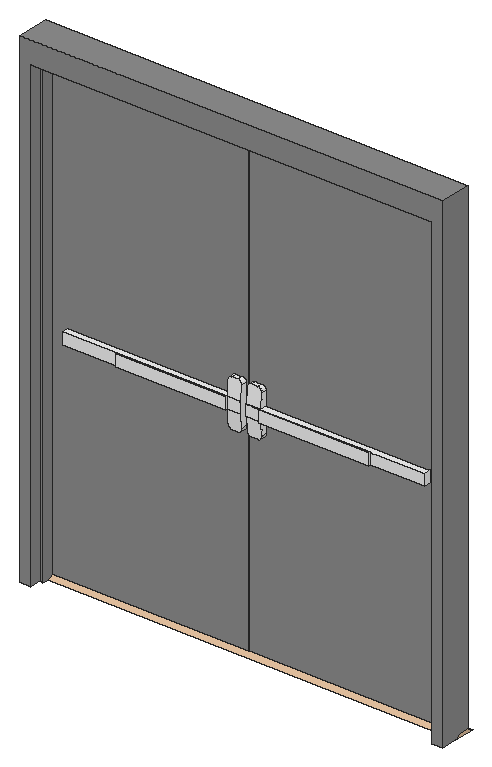
Revit family "38494c2e853f492d9b9aa91ecb0b5844", category Doors, host Wall, Revit 2021
Family settings
  Host = Wall
  OmniClass Number = 23.30.10.00
  OmniClass Title = Doors
  Always vertical = Yes
  Cut with Voids When Loaded = No
  Shared = No
  Room Calculation Point = No
Parameters
  Visual Light Transmittance = 0
  Threshold Length [instance] = if(Masonry Frame, Width + 4", Width)  # 76"
  Threshold [instance] = yes
  Threshold Offset [instance] = if(Threshold, 1/2", 0")  # 1/2"
  Threshold Material = Cherry
  Thickness = 1 3/4"
  Thermal Resistance (R) = 1.5338 (h·ft²·°F)/BTU
  Swing Angle [instance] = 90.00°
  Strike Height = 40"
  Solar Heat Gain Coefficient = 0
  SinglePanelWidth = Width / 2  # 36"
  Rough Width [instance] = Width + MFOpeningWidth  # 76"
  Rough Height [instance] = Height + MFOpeningHeight  # 88"
  Panic Bar Material = Metal - Stainless Steel
  Panel Material = Metal - Painted - Grey
  Masonry Frame [instance] = yes
  MFOpeningHeight [instance] = if(Masonry Frame, 4", 1 1/4")  # 4"
  MFOpeningWidth [instance] = if(Masonry Frame, 4", 2 1/2")  # 4"
  Inset Calculate [instance] = if(Masonry Frame, Masonry Inset + 3", 3")  # 4"
  Masonry Inset [instance] = 1"
  Height = 84"
  Wall Closure = By host
  Width = 72"
  Heat Transfer Coefficient (U) = 0.6520 BTU/(h·ft²·°F)
  Function = Exterior
  Frame Material = Metal - Painted - Grey
  Masonry Frame Depth = 5 3/4"
  Exterior Pull Material = Metal - Stainless Steel
  Dry Wall Frame [instance] = not(Masonry Frame)  # no
  Assembly Code = "B2030200"
  Analytic Construction = "Metal"
Reference planes (in)
  plane 1 "Center (Front/Back)": y = 0
  plane 2 "Center (Left/Right)": x = 0
  plane 3 "Left": x = -38
  plane 4 "Right": x = 38
  plane 5 "Top": z = 88
  plane 6 "Exterior": y = 4.25
  plane 7 "Interior": y = -3.75
  plane 8 "Door Panel Right": x = -36
  plane 9 "Door Panel Left": x = 36
  plane 10 "Top Of Panel": z = 84
  plane 11: z = 0
  plane 12 "Interior Door Face": y = 1.5
  plane 13: z = 40
  plane 14 "1": y = 3.25
  plane 15: y = -2.5
  plane 16: y = 1.3125
  plane 17: x = -35.375
  plane 18: y = -0.5625
  plane 19: z = 86
  plane 20: y = 7.25
  plane 21: z = 86
  plane 22: x = 36.75
  plane 23: x = 38.75
  plane 24: y = 4.75
  plane 25: y = -4.25
  plane 26: x = 36.125
  plane 27: y = 1.3125
  plane 28: y = -0.1875
  plane 29: y = 2.375
  plane 30: z = 42.25
  plane 31: z = 0.5
  plane 32: z = 0.5
  plane 33: y = 8.5
  plane 34: x = -3
  plane 35: x = 3
Forms (in)
  Extrusion 1, solid, material "Metal - Painted - Grey" <- "Panel Material"
    sketch origin (0, 0, 0) x (1, 0, 0) y (0, 0, 1)
      loop
        line (36, 84) -> (0.0625, 84) -> (0.0625, 0.5) -> (36, 0.5) -> (36, 84)
      loop
        line (-36, 0.5) -> (-0.0625, 0.5) -> (-0.0625, 84) -> (-36, 84) -> (-36, 0.5)
    from -3.25 to -1.5
  Sweep 2, solid, material "Metal - Painted - Grey" <- "Frame Material", visible <- "Masonry Frame"
    path origin (0, 4.25, 0) x (1, 0, 0) y (0, 0, 1)
      loop
        line (38, 0) -> (38, 86) -> (-38, 86) -> (-38, 0)
    profile origin (-38, 4.25, 43) x (0, -1, 0) y (1, 0, 0)
      loop
        line (1, 2) -> (1, 0) -> (6.75, 0) -> (6.75, 2) -> (4.8125, 2) -> (4.8125, 2.625) -> (2.9375, 2.625) -> (2.9375, 2) -> (1, 2)
  Extrusion 3, solid, material "Metal - Painted - Grey" <- "Frame Material", visible <- "Masonry Frame"
    sketch origin (0, 0, 0) x (0, 1, 0) y (0, 0, 1)
      loop
        line (3.25, 88) -> (-2.5, 88) -> (-2.5, 86) -> (3.25, 86) -> (3.25, 88)
    from -38 to 38
  Sweep 4, solid, material "Metal - Painted - Grey" <- "Frame Material", visible <- "Dry Wall Frame"
    path origin (0, 4.25, 0) x (1, 0, 0) y (0, 0, 1)
      loop
        line (38, 0) -> (38, 88) -> (-38, 88) -> (-38, 0)
    profile origin (38, 4.25, 44) x (-1, 0, 0) y (0, -1, 0)
      loop
        line (-0.75, -0.5) -> (1.25, -0.5) -> (1.25, 2.9375) -> (1.875, 2.9375) -> (1.875, 4.4375) -> (1.25, 4.4375) -> (1.25, 8.5) -> (-0.75, 8.5) -> (-0.75, 8) -> (0, 8) -> (0, 0) -> (-0.75, 0) -> (-0.75, -0.5)
Cuts and joins
  joined: Sweep 2, Extrusion 3
Lines and regions (in)
  Opening 1
    outline origin (-90, -3.75, 0) x (1, 0, 0) y (0, 0, 1)
      loop
        line (52, 0) -> (128, 0) -> (128, 88) -> (52, 88) -> (52, 0)
  Masking region 1, visible <- "Masonry Frame", detail levels coarse+medium
    outline origin (0, 0, 0) x (1, 0, 0) y (0, 1, 0)
      loop
        line (-38, 3.25) -> (-38, -2.5) -> (-36, -2.5) -> (-36, 3.25) -> (-38, 3.25)
      loop
        line (38, 3.25) -> (36, 3.25) -> (36, -2.5) -> (38, -2.5) -> (38, 3.25)
  Masking region 2, visible <- "Masonry Frame", detail levels fine
    outline origin (0, 0, 0) x (1, 0, 0) y (0, 1, 0)
      loop
        line (-38, 3.25) -> (-38, -2.5) -> (-36, -2.5) -> (-36, -0.5625) -> (-35.375, -0.5625) -> (-35.375, 1.3125) -> (-36, 1.3125) -> (-36, 3.25) -> (-38, 3.25)
      loop
        line (38, 3.25) -> (36, 3.25) -> (36, 1.3125) -> (35.375, 1.3125) -> (35.375, -0.5625) -> (36, -0.5625) -> (36, -2.5) -> (38, -2.5) -> (38, 3.25)
  Masking region 3, visible <- "Dry Wall Frame", detail levels coarse+medium
    outline origin (0, 0, 0) x (1, 0, 0) y (0, 1, 0)
      loop
        line (36.75, -3.75) -> (38, -3.75) -> (38, 4.25) -> (36.75, 4.25) -> (36.75, -3.75)
      loop
        line (-38, 4.25) -> (-38, -3.75) -> (-36.75, -3.75) -> (-36.75, 4.25) -> (-38, 4.25)
  Masking region 4, visible <- "Dry Wall Frame", detail levels fine
    outline origin (0, 0, 0) x (1, 0, 0) y (0, 1, 0)
      loop
        line (-38.75, 4.75) -> (-38.75, 4.25) -> (-38, 4.25) -> (-38, -3.75) -> (-38.75, -3.75) -> (-38.75, -4.25) -> (-36.75, -4.25) -> (-36.75, -0.1875) -> (-36.125, -0.1875) -> (-36.125, 1.3125) -> (-36.75, 1.3125) -> (-36.75, 4.75) -> (-38.75, 4.75)
      loop
        line (38.75, 4.25) -> (38.75, 4.75) -> (36.75, 4.75) -> (36.75, 1.3125) -> (36.125, 1.3125) -> (36.125, -0.1875) -> (36.75, -0.1875) -> (36.75, -4.25) -> (38.75, -4.25) -> (38.75, -3.75) -> (38, -3.75) -> (38, 4.25) -> (38.75, 4.25)
  symbolic lines, style "Elevation Swing"
    curve 1: line (0, 0, 84) -> (36, 0, 42.25)
    curve 2: line (36, 0, 42.25) -> (0, 0, 0.49818)
    curve 3: line (-36, 0, 42.25) -> (0, 0, 84)
    curve 4: line (-36, 0, 42.25) -> (0, 0, 0.49818)
Text (in)
  text "Exterior" at (-74.96733, 27.31104, 0), in view "Ref. Level"
  text "Interior" at (-74.96733, -25.14366, 0), in view "Ref. Level"
  text "Exterior" at (0, 40.15149, 123.01588), in view "Right"
  text "Interior" at (0, -64.39139, 123.01588), in view "Right"
  text "Interior" at (0, -31.01599, 123.00693), in view "Left"
  text "Exterior" at (0, 54.57065, 123.00693), in view "Left"
Dimensions and locks (in)
  equal spacing: plane 3 "Left", plane 2 "Center (Left/Right)", plane 4 "Right"
  "Rough Height": level to plane 5 "Top"
  equal spacing: plane 8 "Door Panel Right", plane 2 "Center (Left/Right)", plane 9 "Door Panel Left"
  "Width": plane 8 "Door Panel Right" to plane 9 "Door Panel Left"
  "Height": level to plane 10 "Top Of Panel"
  "Rough Width": plane 3 "Left" to plane 4 "Right"
  "Thickness": plane 14 "1" to plane 12 "Interior Door Face"
  "Masonry Frame Depth": plane 14 "1" to plane 15
  locked: plane 12 "Interior Door Face" to plane 16 at 0.1875
  locked: plane 15 to plane 18 at 1.9375
  locked: plane 8 "Door Panel Right" to plane 17 at 0.625
  locked: plane 19 to plane 5 "Top" at 2
  locked: plane 6 "Exterior" to plane 20 at 3
  "Inset Calculate": plane 20 to plane 14 "1"
  locked: plane 10 "Top Of Panel" to plane 21 at 2
  locked: plane 4 "Right" to plane 23 at 0.75
  locked: plane 6 "Exterior" to plane 24 at 0.5
  locked: plane 25 to plane 7 "Interior" at 0.5
  locked: plane 22 to plane 23 at 2
  plane 12 "Interior Door Face" to plane 27 to plane 28 = 3/16" locked, 1 1/2" locked
  locked: plane 26 to plane 22 at 0.625
  "Strike Height": plane 11 to plane 13
  locked: Extrusion 1 sketch curve to plane 2 "Center (Left/Right)" at 0.0625
  locked: plane 2 "Center (Left/Right)" to Extrusion 1 sketch curve at 0.0625
  equal spacing: plane 14 "1", plane 29, plane 12 "Interior Door Face"
  locked: plane 31 to plane 32
  equal spacing: plane 31, plane 30, plane 10 "Top Of Panel"
  "Threshold Offset": plane 32 to plane 11
  equal spacing: plane 35, plane 2 "Center (Left/Right)", plane 34
  locked: plane 35 to plane 2 "Center (Left/Right)" at 3
  aligned and locked: plane 3 "Left" to Opening 1 sketch curve
  aligned and locked: plane 5 "Top" to Opening 1 sketch curve  (x2)
  aligned and locked: Opening 1 sketch curve to plane 4 "Right"
  aligned and locked: Opening 1 sketch curve to level
  aligned and locked: plane 6 "Exterior" to host wall
  aligned and locked: plane 7 "Interior" to host wall
  aligned and locked: plane 11 to level
  aligned and locked: Extrusion 1 sketch curve to plane 10 "Top Of Panel"
  aligned and locked: Extrusion 1 sketch curve to plane 8 "Door Panel Right"
  aligned and locked: plane 9 "Door Panel Left" to Extrusion 1 sketch curve
  aligned and locked: Extrusion 1 to plane 12 "Interior Door Face"
  aligned and locked: nested 1 to plane 9 "Door Panel Left"
  aligned and locked: nested 1 to plane 14 "1"
  aligned and locked: Extrusion 1 to nested 1
  aligned and locked: Sweep 2 sketch curve to plane 3 "Left"  (x2)
  aligned and locked: plane 11 to Sweep 2 sketch curve  (x2)
  aligned and locked: plane 17 to Sweep 2 sketch curve
  aligned and locked: plane 8 "Door Panel Right" to Sweep 2 sketch curve  (x2)
  aligned and locked: Sweep 2 sketch curve to plane 16
  aligned and locked: plane 18 to Sweep 2 sketch curve
  aligned and locked: plane 15 to Sweep 2 sketch curve
  aligned and locked: Sweep 2 sketch curve to plane 14 "1"
  aligned and locked: Sweep 2 sketch curve to plane 4 "Right"
  aligned and locked: plane 5 "Top" to Extrusion 3 sketch curve
  aligned and locked: Extrusion 3 sketch curve to plane 15
  aligned and locked: Extrusion 3 sketch curve to plane 14 "1"
  aligned and locked: plane 19 to Extrusion 3 sketch curve
  aligned and locked: cut or joined group of Sweep 2, Extrusion 3 to plane 4 "Right"
  aligned and locked: plane 3 "Left" to cut or joined group of Sweep 2, Extrusion 3
  aligned and locked: Masking region 1 sketch curve to plane 14 "1"  (x2)
  aligned and locked: plane 8 "Door Panel Right" to Masking region 1 sketch curve
  aligned and locked: plane 15 to Masking region 1 sketch curve  (x2)
  aligned and locked: Masking region 1 sketch curve to plane 3 "Left"
  aligned and locked: Masking region 1 sketch curve to plane 4 "Right"
  aligned and locked: plane 9 "Door Panel Left" to Masking region 1 sketch curve
  aligned and locked: Masking region 2 sketch curve to plane 3 "Left"
  aligned and locked: plane 15 to Masking region 2 sketch curve  (x2)
  aligned and locked: plane 8 "Door Panel Right" to Masking region 2 sketch curve  (x2)
  aligned and locked: Masking region 2 sketch curve to plane 14 "1"  (x2)
  aligned and locked: Masking region 2 sketch curve to cut or joined group of Sweep 2, Extrusion 3  (x4)
  aligned and locked: Masking region 2 sketch curve to plane 4 "Right"
  aligned and locked: plane 9 "Door Panel Left" to Masking region 2 sketch curve  (x2)
  aligned and locked: cut or joined group of Sweep 2, Extrusion 3 to Masking region 2 sketch curve  (x2)
  aligned and locked: Sweep 2 sketch curve to plane 21
  aligned and locked: plane 4 "Right" to Sweep 4 sketch curve
  aligned and locked: Sweep 4 sketch curve to plane 3 "Left"
  aligned and locked: plane 23 to Sweep 4 sketch curve  (x2)
  aligned and locked: Sweep 4 sketch curve to plane 7 "Interior"
  aligned and locked: plane 25 to Sweep 4 sketch curve
  aligned and locked: Sweep 4 sketch curve to plane 22  (x2)
  aligned and locked: plane 28 to Sweep 4 sketch curve
  aligned and locked: plane 26 to Sweep 4 sketch curve
  aligned and locked: Sweep 4 sketch curve to plane 27
  aligned and locked: Sweep 4 sketch curve to plane 24
  aligned and locked: plane 6 "Exterior" to Sweep 4 sketch curve
  aligned and locked: Sweep 4 sketch curve to plane 4 "Right"
  aligned and locked: plane 5 "Top" to Sweep 4 sketch curve
  aligned and locked: Masking region 3 sketch curve to plane 6 "Exterior"
  aligned and locked: plane 7 "Interior" to Masking region 3 sketch curve
  aligned and locked: Masking region 3 sketch curve to plane 4 "Right"
  aligned and locked: Masking region 3 sketch curve to Sweep 4  (x2)
  aligned and locked: plane 6 "Exterior" to Masking region 3 sketch curve
  aligned and locked: Masking region 3 sketch curve to plane 3 "Left"
  aligned and locked: Masking region 3 sketch curve to plane 7 "Interior"
  aligned and locked: Masking region 4 sketch curve to plane 3 "Left"
  aligned and locked: Masking region 4 sketch curve to Sweep 4  (x13)
  aligned and locked: Masking region 4 sketch curve to plane 6 "Exterior"
  aligned and locked: plane 7 "Interior" to Masking region 4 sketch curve
  aligned and locked: Masking region 4 sketch curve to plane 4 "Right"
  aligned and locked: Masking region 4 sketch curve to plane 7 "Interior"
  aligned and locked: Sweep 4 to Masking region 4 sketch curve  (x5)
  aligned and locked: plane 6 "Exterior" to Masking region 4 sketch curve
  aligned and locked: plane 11 to Sweep 4 sketch curve  (x2)
  aligned and locked: nested 2 to plane 8 "Door Panel Right"
  aligned and locked: plane 14 "1" to nested 2
  aligned and locked: plane 31 to Extrusion 1 sketch curve  (x2)
  aligned and locked: plane 2 "Center (Left/Right)" to curve 2
  aligned and locked: plane 13 to nested 3
  aligned and locked: plane 13 to nested 4
  aligned and locked: nested 3 to plane 34
  aligned and locked: plane 35 to nested 4
  aligned and locked: nested 3 to Extrusion 1
  aligned and locked: nested 4 to Extrusion 1
  aligned and locked: plane 13 to nested 5
  aligned and locked: plane 35 to nested 5
  aligned and locked: nested 7 to plane 34
  aligned and locked: nested 7 to plane 13
  aligned and locked: plane 12 "Interior Door Face" to nested 7
  aligned and locked: nested 5 to plane 12 "Interior Door Face"
  aligned and locked: nested 6 to plane 2 "Center (Left/Right)"
  aligned and locked: plane 29 to nested 6
Automatic sketch dimensions
  Extrusion 1 sketch curve to plane 10 "Top Of Panel" = 0"
  plane 8 "Door Panel Right" to curve 4 = 0"
  curve 3 to plane 2 "Center (Left/Right)" = 0"
  plane 9 "Door Panel Left" to curve 2 = 0"
  curve 2 to plane 30 = 0"
  curve 3 to plane 30 = 0"
  curve 3 to plane 10 "Top Of Panel" = 0"
  curve 4 to plane 31 = 0.00182"
Nested families (in)
  nested 1: "Door Swing-Single" at (36, 3.25, 0), Swing Angle <- "Swing Angle", type "Single"
    with Swing Visible yes, Swing Angle 90.00°, Actual Angle 90.00°, Width 36", Thickness 1 3/4"
  nested 2: "Door Swing-Single" at (-36, 3.25, 0) x (-1, 0, 0) z (0, 0, 1), Swing Angle <- "Swing Angle", type "Single"
    with Swing Visible yes, Swing Angle 90.00°, Actual Angle 90.00°, Width 36", Thickness 1 3/4"
  nested 3: "Exterior Pull" at (-3, 3.25, 40), type "With Lock", detail levels fine
  nested 4: "Exterior Pull" at (3, 3.25, 40), type "Without Lock", detail levels fine
  nested 5: "Panic Bar" at (3, 1.5, 40), type "Standard", detail levels fine
  nested 6: "Threshold" at (0, 2.375, 0) x (0, -1, 0) z (0, 0, 1), visible <- "Threshold", type "Threshold"
    with Threshold Length 76", Panel Width 1 3/4"
  nested 7: "Panic Bar" at (-3, 1.5, 40) x (-1, 0, 0) z (0, 0, 1), type "Standard", detail levels fine
Definition of nested family "Exterior Pull"
  Parameters (values of type "With Lock")
    Width = 3"
    Thickness = 1/2"
    Material = none
    Lock = yes
    Height = 14"
    Analytic Construction = "<None>"
  Types (2): name | Lock
    With Lock | yes
    Without Lock | no
  Reference planes (in)
    plane 1 "Center (Front/Back)": y = 0
    plane 2: z = 0
    plane 3 "Center (Left/Right)": x = 0
    plane 4: z = -7
    plane 5: z = 7
    plane 6: x = 1.5
    plane 7: x = -1.5
    plane 8: z = 4
    plane 9: y = -0.25
    plane 10: y = 0.33333
    plane 11: y = 0.5
    plane 12: y = 0.84375
  Forms (in)
    Extrusion 1, solid, material <- "Material"
      sketch origin (0, 0, 0) x (1, 0, 0) y (0, 0, 1)
        loop
          line (1.5, -7) -> (1.5, 7)
          arc (1.5, 7) -> (0, 7.33604) -> (-1.5, 7) r 3.51581
          line (-1.5, 7) -> (-1.5, -7)
          arc (-1.5, -7) -> (0, -7.33604) -> (1.5, -7) r 3.51581
      from -0.5 to 0
    Extrusion 2, solid, material <- "Material", visible <- "Lock"
      sketch origin (0, 0, 0) x (1, 0, 0) y (0, 0, 1)
        loop
          circle (0, 4) r 0.74803
      from -0.84375 to -0.5
    Sweep 3, solid, material <- "Material"
      path origin (0, 0, 0) x (0, 1, 0) y (0, 0, 1)
        loop
          line (0.5, 0) -> (1.5, 0)
          arc (1.5, 0) -> (1.85355, -0.14645) -> (2, -0.5) r 0.5
          line (2, -0.5) -> (2, -4.5)
          arc (2, -4.5) -> (1.85355, -4.85355) -> (1.5, -5) r 0.5
          line (1.5, -5) -> (0.5, -5)
      profile origin (0, 1, 0) x (0, 0, 1) y (1, 0, 0)
        loop
          line (-0.04688, -0.3937) -> (0.04688, -0.3937)
          arc (0.04688, -0.3937) -> (0.14631, -0.35251) -> (0.1875, -0.25308) r 0.14063
          line (0.1875, -0.25308) -> (0.1875, 0.25308)
          arc (0.1875, 0.25308) -> (0.14631, 0.35251) -> (0.04688, 0.3937) r 0.14063
          line (0.04688, 0.3937) -> (-0.04689, 0.3937)
          arc (-0.04689, 0.3937) -> (-0.14632, 0.35252) -> (-0.1875, 0.25309) r 0.14061
          line (-0.1875, 0.25309) -> (-0.1875, -0.25308)
          arc (-0.1875, -0.25308) -> (-0.14631, -0.35251) -> (-0.04688, -0.3937) r 0.14063
  Dimensions and locks (in)
    equal spacing: plane 4, plane 2, plane 5
    "Height": plane 4 to plane 5
    equal spacing: plane 7, plane 3 "Center (Left/Right)", plane 6
    "Width": plane 7 to plane 6
    plane 8 to plane 5 = 3"
    plane 1 "Center (Front/Back)" to plane 9 = 1/4"
    "Thickness": plane 11 to plane 1 "Center (Front/Back)"
    locked: plane 12 to plane 11 at 0.34375
    aligned and locked: plane 2 to level
    aligned and locked: Extrusion 1 sketch curve to plane 6
    aligned and locked: Extrusion 1 sketch curve to plane 7
    aligned and locked: plane 11 to Extrusion 1
    aligned and locked: plane 1 "Center (Front/Back)" to Extrusion 1
    aligned and locked: Extrusion 2 to plane 12
    aligned and locked: Extrusion 2 to plane 11
  Automatic sketch dimensions
    Extrusion 1 sketch curve to plane 3 "Center (Left/Right)" = 0"  (x2)
    Extrusion 1 sketch curve to plane 5 = 0"
    plane 4 to Extrusion 1 sketch curve = 3.17977"
    plane 5 to Extrusion 1 sketch curve = 3.17977"
    Extrusion 1 sketch curve to plane 4 = 0"
    Sweep 3 sketch curve to level = 0"
    Sweep 3 sketch curve to plane 1 "Center (Front/Back)" = 1/2"  (x2)
    plane 10 to Sweep 3 sketch curve = 1.16667"  (x2)
    Sweep 3 sketch curve to Sweep 3 sketch curve = 1/2"
    plane 4 to Sweep 3 sketch curve = 2 1/2"
    profile plane to Sweep 3 sketch curve = 3/16"
    profile plane to Sweep 3 sketch curve = 3/64"  (x2)
    Sweep 3 sketch curve to profile plane = 3/64"  (x2)
    Sweep 3 sketch curve to Sweep 3 sketch curve = 9/64"
    Sweep 3 sketch curve to plane 3 "Center (Left/Right)" = 0.3937"
    plane 3 "Center (Left/Right)" to Sweep 3 sketch curve = 0.25308"
    Extrusion 2 sketch curve to plane 3 "Center (Left/Right)" = 0"
    Extrusion 2 sketch curve to plane 8 = 0"
    radius of Extrusion 2 sketch curve = 0.74803"
Definition of nested family "Panic Bar"
  Parameters (values of type "Standard")
    Width = 0"
    Thickness = 0"
    Material = none
    Door Panel Width = 36"
    Overall Length = Door Panel Width - 4"  # 32"
    Height = 0"
    Analytic Construction = "<None>"
  Reference planes (in)
    plane 1 "Center (Front/Back)": y = 0
    plane 2: z = 0
    plane 3 "Center (Left/Right)": x = 0
    plane 4: x = 29.5
    plane 5: x = -2.5
    plane 6: z = 4.25
    plane 7: z = 1
    plane 8: z = -1
    plane 9: x = 19.66667
    plane 10: y = -1.25
    plane 11: y = -1.12499
    plane 12: z = -4.25
    plane 13: y = -1.5
    plane 14: x = 9.83333
    plane 15: x = -1.25
  Forms (in)
    Extrusion 1, solid, material <- "Material"
      sketch origin (0, 0, 0) x (1, 0, 0) y (0, 0, 1)
        loop
          line (-1.75, -4.25) -> (-0.75, -4.25)
          arc (-0.75, -4.25) -> (-0.21967, -4.03033) -> (0, -3.5) r 0.75
          line (0, -3.5) -> (0, 3.5)
          arc (0, 3.5) -> (-0.21967, 4.03033) -> (-0.75, 4.25) r 0.75
          line (-0.75, 4.25) -> (-1.75, 4.25)
          arc (-1.75, 4.25) -> (-2.28033, 4.03033) -> (-2.5, 3.5) r 0.75
          line (-2.5, 3.5) -> (-2.5, -3.5)
          arc (-2.5, -3.5) -> (-2.28033, -4.03033) -> (-1.75, -4.25) r 0.75
      from 0 to 1.12499
    Extrusion 2, solid, material <- "Material"
      sketch origin (0, 0, 0) x (1, 0, 0) y (0, 0, 1)
        loop
          line (-2.5, 1) -> (-2.5, -1) -> (29.5, -1) -> (29.5, 1) -> (-2.5, 1)
      from 0 to 1.25
    Extrusion 3, solid, material <- "Material"
      sketch origin (0, 0, 0) x (1, 0, 0) y (0, 0, 1)
        loop
          line (0, 1) -> (0, -1) -> (19.66667, -1) -> (19.66667, 1) -> (0, 1)
      from 1.25 to 1.5
    Extrusion 4, void
      sketch origin (0, 0, 0) x (0, 1, 0) y (0, 0, 1)
        loop
          line (-1.5, 4.25) -> (-1.5, 1) -> (-1.12499, 1) -> (-0.86856, 4.25) -> (-1.5, 4.25)
        loop
          line (-1.5, -4.25) -> (-0.86856, -4.25) -> (-1.12499, -1) -> (-1.5, -1) -> (-1.5, -4.25)
      from -2.5 to 0
  Cuts and joins
    Extrusion 4 cuts Extrusion 1
    Extrusion 4 cuts Extrusion 2
    joined: Extrusion 1, Extrusion 2
    Extrusion 4 cuts Extrusion 3
  Dimensions and locks (in)
    equal spacing: plane 6, plane 2, plane 12
    locked: plane 6 to plane 12 at 8.5
    plane 1 "Center (Front/Back)" to plane 10 = 1 1/4"
    "Overall Length": plane 5 to plane 4
    plane 7 to plane 8 = 2"
    equal spacing: plane 7, level, plane 8
    plane 11 to plane 1 "Center (Front/Back)" = 1 1/8"
    locked: plane 13 to plane 10 at 0.25
    equal spacing: plane 4, plane 9, plane 14, plane 3 "Center (Left/Right)"
    locked: plane 3 "Center (Left/Right)" to plane 5 at 2.5
    equal spacing: plane 3 "Center (Left/Right)", plane 15, plane 5
    radius of Extrusion 1 sketch curve = 3/4"  (x4)
    aligned and locked: plane 2 to level
    aligned and locked: plane 4 to cut or joined group of Extrusion 1, Extrusion 2, Extrusion 4
    aligned and locked: plane 13 to Extrusion 3
    aligned and locked: Extrusion 1 to plane 1 "Center (Front/Back)"
    aligned and locked: Extrusion 2 to plane 1 "Center (Front/Back)"
    aligned and locked: cut or joined group of Extrusion 1, Extrusion 2, Extrusion 4 to plane 11
    aligned and locked: Extrusion 3 to plane 10
    aligned and locked: plane 10 to cut or joined group of Extrusion 1, Extrusion 2, Extrusion 4
    aligned and locked: plane 5 to Extrusion 2 sketch curve
    aligned and locked: Extrusion 4 to Extrusion 3
    aligned and locked: Extrusion 4 to plane 5
    aligned and locked: cut or joined group of Extrusion 3, Extrusion 4 to plane 3 "Center (Left/Right)"
  Automatic sketch dimensions
    Extrusion 3 sketch curve to plane 8 = 0"
    Extrusion 3 sketch curve to plane 7 = 0"
    Extrusion 3 sketch curve to plane 9 = 0"
    Extrusion 1 sketch curve to plane 5 = 0"
    Extrusion 1 sketch curve to plane 6 = 0"
    Extrusion 1 sketch curve to plane 12 = 0"
    Extrusion 1 sketch curve to plane 3 "Center (Left/Right)" = 3/4"
    Extrusion 2 sketch curve to plane 4 = 0"
    Extrusion 2 sketch curve to plane 8 = 0"
    Extrusion 2 sketch curve to plane 7 = 0"
    Extrusion 4 sketch curve to plane 6 = 0"
    Extrusion 4 sketch curve to plane 13 = 0"  (x2)
    plane 8 to Extrusion 4 sketch curve = 0"
    Extrusion 4 sketch curve to plane 7 = 0"
    Extrusion 4 sketch curve to plane 11 = 0"  (x2)
    plane 12 to Extrusion 4 sketch curve = 0"
    Extrusion 4 sketch curve to plane 11 = 0.25643"  (x2)
    plane 3 "Center (Left/Right)" to Extrusion 3 sketch curve = 0"
Definition of nested family "Threshold"
  Parameters (values of type "Threshold")
    Threshold Length = 60"
    Threshold Height = 1/2"
    Panel Width = 1 3/8"
    Material = none
    Analytic Construction = "<None>"
  Reference planes (in)
    plane 1 "Center (Front/Back)": y = 0
    plane 2: z = 0
    plane 3 "Center (Left/Right)": x = 0
    plane 4: x = -1.6875
    plane 5: x = 1.6875
    plane 6: z = 0.5
    plane 7: x = -0.6875
    plane 8: x = 0.6875
    plane 9: y = 30
    plane 10: y = -30
  Forms (in)
    Extrusion 1, solid, material <- "Material"
      sketch origin (0, 0, 0) x (1, 0, 0) y (0, 0, 1)
        loop
          line (-1.6875, 0) -> (1.6875, 0) -> (0.6875, 0.5) -> (-0.6875, 0.5) -> (-1.6875, 0)
      from -30 to 30
  Dimensions and locks (in)
    "Threshold Height": plane 6 to plane 2
    equal spacing: plane 8, plane 3 "Center (Left/Right)", plane 7
    "Panel Width": plane 8 to plane 7
    equal spacing: plane 9, plane 1 "Center (Front/Back)", plane 10
    "Threshold Length": plane 9 to plane 10
    locked: plane 7 to plane 4 at 1
    locked: plane 8 to plane 5 at 1
    aligned and locked: plane 2 to level
    aligned and locked: Extrusion 1 sketch curve to plane 6
    aligned and locked: Extrusion 1 sketch curve to plane 2
    aligned and locked: plane 5 to Extrusion 1 sketch curve
    aligned and locked: plane 7 to Extrusion 1 sketch curve
    aligned and locked: plane 8 to Extrusion 1 sketch curve
    aligned and locked: plane 9 to Extrusion 1
    aligned and locked: plane 10 to Extrusion 1
  Automatic sketch dimensions
    Extrusion 1 sketch curve to plane 4 = 0"
Definition of nested family "Door Swing-Single"
  Parameters
    Width = 32"
    Thickness = 1 3/8"
    Swing Visible [instance] = Swing Angle > 1.00°  # yes
    Swing Angle [instance] = 45.00°
    Assembly Code = ""
    Actual Angle [instance] = if(Swing Angle < 1.00°, 1.00°, Swing Angle)  # 45.00°
  Reference planes (in)
    plane 1 "Center (Front/Back)": y = 0
    plane 2: z = 0
    plane 3 "Center (Left/Right)": x = 0
    plane 4: x = -32
  Lines and regions (in)
    Masking region 1
      outline origin (0, 0, 0) x (-0.707107, 0.707107, 0) y (-0.707107, -0.707107, 0)
        loop
          line (0, 0) -> (32, 0) -> (32, 1.375) -> (0, 1.375) -> (0, 0)
    symbolic lines
      curve 1: line (0, 0, 0) -> (-32, 0, 0)
    symbolic lines, visible <- "Swing Visible"
      curve 2: arc (-32, 0, 0) -> (-29.56415, 12.24587, 0) -> (-22.62742, 22.62742, 0) r 32
    reference lines
      curve 3: line (0, 0, 0) -> (-22.62742, 22.62742, 0)
    model lines
      curve 4: line (0, 0, 0) -> (0, 0, 1)
  Dimensions and locks (in)
    "Width": plane 4 to plane 3 "Center (Left/Right)"
    locked: curve 2 to plane 3 "Center (Left/Right)"
    locked: curve 2 to plane 1 "Center (Front/Back)"
    "Width": curve 3 to curve 3
    "Thickness": Masking region 1 sketch curve to Masking region 1 sketch curve
    locked: curve 4 to plane 2 at 1
    "Width": radius of curve 2
    "Actual Angle": angle curve 2 to curve 2
    "Swing Angle": angle curve 3 to plane 1 "Center (Front/Back)"
    aligned and locked: curve 1 to plane 1 "Center (Front/Back)"
    aligned and locked: plane 3 "Center (Left/Right)" to curve 1
    aligned and locked: plane 3 "Center (Left/Right)" to curve 3
    aligned and locked: plane 1 "Center (Front/Back)" to curve 3
    aligned and locked: curve 3 to Masking region 1 sketch curve
    aligned and locked: Masking region 1 sketch curve to curve 3  (x2)
    aligned and locked: plane 3 "Center (Left/Right)" to curve 4
    aligned and locked: plane 2 to curve 4
